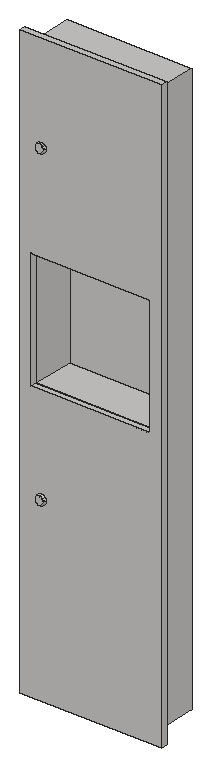
Revit family "Paper Dispenser and Waste_Metlam_Recessed_19L Waste", category Specialty Equipment, Revit 2016
Family settings
  Part Type = Normal
  Round Connector Dimension = Use Diameter
  OmniClass Number = 23.40.20.21.17
  OmniClass Title = Paper Towel Dispensers, Disposal Units
  Work Plane-Based = No
  Always vertical = Yes
  Cut with Voids When Loaded = Yes
  Shared = No
  Room Calculation Point = Yes
Parameters (values of type "333w x 115d x 1397h (ML706RECMK2)")
  URL = "http://www.metlam.com.au/"
  Type Comments = "2 in 1 Combo Units"  # constant formula
  Model = "ML706RECMK2"
  Material_ANZRS = z_Metlam_Metal_Stainless Steel_Satin
  Manufacturer_URL__Product Specific = "https://metlam.com.au/product/content/paper-towel-dispenser-comb-units/ML706RECMK2"
  Manufacturer_Spec Code = Model  # "ML706RECMK2"
  Manufacturer_Overall Width = 333 mm  # constant formula
  Manufacturer_Overall Height = 1397 mm  # constant formula
  Manufacturer_Overall Depth = 115 mm  # constant formula
  Manufacturer_Height From FFL [instance] = 400 mm
  Manufacturer = "Metlam"  # constant formula
  Description = "Paper Towel Dispenser & Waste Receptacle - Recessed"
  CreatedBy_ANZRS = "IGS BIM Solutions"  # constant formula
  CreatedByURL_ANZRS = "http://www.igsgroup.com.au/"
  Assembly Code = ""
Reference planes
  plane 1 "Back": y = 0
  plane 2 "Ref. Level": z = 0
  plane 3 "Center (Left/Right)": x = 0
  plane 4 "Left": x = -166.5
  plane 5 "Right": x = 166.5
  plane 6 "Recessed Flush_Front": y = -100
  plane 7 "Front": y = -115
  plane 8 "Top": z = 1797
  plane 9 "Mounting Height": z = 1315
  plane 10 "Bottom": z = 400
Forms (mm)
  Extrusion 1, solid, material "z_Metlam_Metal_Stainless Steel_Satin" <- "Material_ANZRS"
    sketch origin (0, 0, 1265) x (1, 0, 0) y (0, 0, 1)
      loop
        line (-146, -842.5) -> (146, -842.5) -> (146, 509.5) -> (-146, 509.5) -> (-146, -842.5)
      loop
        line (-144, -840.5) -> (144, -840.5) -> (144, 507.5) -> (-144, 507.5) -> (-144, -840.5)
    from 0 to 100
  Extrusion 2, solid, material "z_Metlam_Metal_Stainless Steel_Satin" <- "Material_ANZRS"
    sketch origin (0, 0, 1265) x (1, 0, 0) y (0, 0, 1)
      loop
        line (-146, -842.5) -> (146, -842.5) -> (146, 509.5) -> (-146, 509.5) -> (-146, -842.5)
    from 0 to 2
  Extrusion 3, solid, material "z_Metlam_Metal_Stainless Steel_Satin" <- "Material_ANZRS"
    sketch origin (0, 0, 1265) x (1, 0, 0) y (0, 0, 1)
      loop
        line (166.5, 532) -> (-166.5, 532) -> (-166.5, -865) -> (166.5, -865) -> (166.5, 532)
      loop
        line (-140, 70) -> (-140, -210) -> (140, -210) -> (140, 70) -> (-140, 70)
    from 100 to 115
  Extrusion 4, solid, material "z_Metlam_Metal_Stainless Steel_Satin" <- "Material_ANZRS"
    sketch origin (0, 70, 2055) x (1, 0, 0) y (0, 0, 1)
      loop
        line (-120, -720) -> (-120, -740) -> (-10, -740) -> (-10, -730) -> (10, -730) -> (10, -740) -> (120, -740) -> (120, -720) -> (-120, -720)
    from 145 to 155
  Extrusion 5, void
    sketch origin (0, -115, 435) x (1, 0, 0) y (0, 0, 1)
      loop
        line (-150, 1346) -> (-150, -19) -> (150, -19) -> (150, 1346) -> (-150, 1346)
    from -115 to -15
  Extrusion 6, solid, material "z_Metlam_Metal_Stainless Steel_Satin" <- "Material_ANZRS"
    sketch origin (0, 0, 1265) x (1, 0, 0) y (0, 0, 1)
      loop
        line (-140, 70) -> (-140, -210) -> (140, -210) -> (140, 70) -> (-140, 70)
      loop
        line (-141.6, 71.6) -> (-141.6, -211.6) -> (141.6, -211.6) -> (141.6, 71.6) -> (-141.6, 71.6)
    from 2 to 100
  Blend 7, solid, material "z_Metlam_Metal_Stainless Steel_Satin" <- "Material_ANZRS", detail levels medium+fine
    base sketch origin (0, -115, 435) x (1, 0, 0) y (0, 0, 1)
      loop
        circle (-116.5, 1131) r 11.5
    top sketch origin (0, -115, 435) x (1, 0, 0) y (0, 0, 1)
      loop
        circle (-116.5, 1131) r 9.5
    from 0 to 5
  Blend 8, solid, material "z_Metlam_Metal_Stainless Steel_Satin" <- "Material_ANZRS", detail levels medium+fine
    base sketch origin (0, -115, 435) x (1, 0, 0) y (0, 0, 1)
      loop
        circle (-116.5, 389) r 11.5
    top sketch origin (0, -115, 435) x (1, 0, 0) y (0, 0, 1)
      loop
        circle (-116.5, 389) r 9.5
    from 0 to 5
Cuts and joins
  joined: Extrusion 1, Extrusion 2
Lines and regions (mm)
  Masking region 1
    outline origin (0, 0, 0) x (1, 0, 0) y (0, 1, 0)
      loop
        line (146, 0) -> (-146, 0) -> (-146, -100) -> (-166.5, -100) -> (-166.5, -115) -> (166.5, -115) -> (166.5, -100) -> (146, -100) -> (146, 0)
  symbolic lines, style "Bathroom Fixtures", detail levels medium+fine
    curve 1: line (-146, -100, 0) -> (146, -100, 0)
Text (mm)
  text "> Contact Manufacturer to confirm feasibility of design variations outside the scope of this Revit Family\n\n\n\nDisclaimer:\n\nDue to ongoing product development and manufacturing evolution, product details are subject to change without notice. Please refer to product technical data sheets on the manufacturer’s website for the most current product information. Please allow a +/- 5mm manufacturing tolerance for dimensions and set-outs shown in product literature." at (299.997, 65.562, 0), in view "Ref. Level_Instruction"
Dimensions and locks
  equal spacing: plane 4 "Left", plane 3 "Center (Left/Right)", plane 5 "Right"
  "Manufacturer_Overall Width": plane 4 "Left" to plane 5 "Right"
  "Manufacturer_Overall Depth": plane 7 "Front" to plane 1 "Back"
  plane 8 "Top" to Extrusion 1 sketch curve to Extrusion 1 sketch curve = 22.5 mm locked, 2 mm locked
  Extrusion 1 sketch curve to Extrusion 1 sketch curve to plane 4 "Left" = 2 mm locked, 20.5 mm locked
  Extrusion 1 sketch curve to Extrusion 1 sketch curve to plane 5 "Right" = 2 mm locked, 20.5 mm locked
  "Manufacturer_Height From FFL": plane 10 "Bottom" to level
  "Manufacturer_Overall Height": plane 8 "Top" to plane 10 "Bottom"
  locked: Extrusion 3 sketch curve to plane 10 "Bottom" at 655
  locked: Extrusion 2 sketch curve to plane 8 "Top" at 22.5
  locked: plane 10 "Bottom" to Extrusion 2 sketch curve at 22.5
  locked: Extrusion 2 sketch curve to plane 5 "Right" at 20.5
  locked: Extrusion 2 sketch curve to plane 4 "Left" at 20.5
  plane 10 "Bottom" to Extrusion 1 sketch curve to Extrusion 1 sketch curve = 22.5 mm locked, 2 mm locked
  locked: Extrusion 5 sketch curve to plane 8 "Top" at 1381
  locked: Extrusion 5 sketch curve to plane 8 "Top" at 16
  locked: Extrusion 6 sketch curve to Extrusion 6 sketch curve at 1.6
  locked: Extrusion 6 sketch curve to Extrusion 6 sketch curve at 280
  locked: plane 9 "Mounting Height" to Extrusion 4 sketch curve at 20
  plane 9 "Mounting Height" to Extrusion 4 sketch curve = 10 mm
  locked: plane 7 "Front" to plane 6 "Recessed Flush_Front" at 15
  locked: plane 9 "Mounting Height" to plane 10 "Bottom" at 915
  aligned and locked: plane 2 "Ref. Level" to level
  aligned and locked: Extrusion 3 sketch curve to plane 8 "Top"
  aligned and locked: plane 7 "Front" to Extrusion 3
  aligned and locked: Extrusion 3 to plane 6 "Recessed Flush_Front"
  aligned and locked: Extrusion 5 to cut or joined group of Extrusion 1, Extrusion 2
  aligned and locked: Masking region 1 sketch curve to Extrusion 3
  aligned and locked: Extrusion 5 to Extrusion 3
  aligned and locked: Masking region 1 sketch curve to plane 1 "Back"
  aligned and locked: plane 6 "Recessed Flush_Front" to Extrusion 6
  aligned and locked: Extrusion 6 to cut or joined group of Extrusion 1, Extrusion 2
  aligned and locked: plane 9 "Mounting Height" to Extrusion 4 sketch curve  (x2)
  aligned and locked: plane 4 "Left" to Extrusion 3 sketch curve
  aligned and locked: plane 5 "Right" to Extrusion 3 sketch curve
  aligned and locked: Extrusion 3 sketch curve to plane 10 "Bottom"
  aligned and locked: Blend 8 to Extrusion 3
  aligned and locked: Blend 8 to Blend 7
  aligned and locked: Masking region 1 sketch curve to cut or joined group of Extrusion 1, Extrusion 2  (x2)
  aligned and locked: curve 1 to cut or joined group of Extrusion 1, Extrusion 2
Automatic sketch dimensions
  plane 4 "Left" to Extrusion 3 sketch curve = 26.5 mm
  plane 5 "Right" to Extrusion 3 sketch curve = 26.5 mm
  plane 4 "Left" to Extrusion 4 sketch curve = 46.5 mm
  Extrusion 4 sketch curve to plane 3 "Center (Left/Right)" = 10 mm
  plane 3 "Center (Left/Right)" to Extrusion 4 sketch curve = 10 mm
  plane 5 "Right" to Extrusion 4 sketch curve = 46.5 mm
  plane 4 "Left" to Extrusion 5 sketch curve = 16.5 mm
  plane 5 "Right" to Extrusion 5 sketch curve = 16.5 mm
  plane 4 "Left" to Extrusion 6 sketch curve = 24.9 mm
  Extrusion 6 sketch curve to Extrusion 6 sketch curve = 1.6 mm  (x3)
  plane 5 "Right" to Extrusion 6 sketch curve = 26.5 mm
  Extrusion 3 sketch curve to plane 9 "Mounting Height" = 20 mm
  plane 9 "Mounting Height" to Extrusion 6 sketch curve = 261.6 mm
  plane 4 "Left" to Blend 7 sketch curve = 50 mm  (x2)
  Blend 7 sketch curve to plane 8 "Top" = 231 mm  (x2)
  plane 4 "Left" to Blend 8 sketch curve = 50 mm  (x2)
  plane 10 "Bottom" to Blend 8 sketch curve = 424 mm  (x2)
  plane 4 "Left" to curve 1 = 20.5 mm
  plane 5 "Right" to curve 1 = 20.5 mm
  Masking region 1 sketch curve to plane 5 "Right" = 0 mm
  plane 7 "Front" to Masking region 1 sketch curve = 0 mm
  plane 6 "Recessed Flush_Front" to Masking region 1 sketch curve = 0 mm  (x2)
  radius of Blend 7 sketch curve = 11.5 mm
  radius of Blend 7 sketch curve = 9.5 mm
  radius of Blend 8 sketch curve = 11.5 mm
  radius of Blend 8 sketch curve = 9.5 mm
